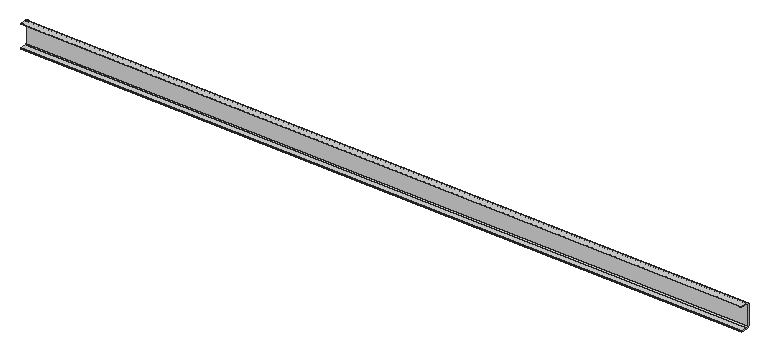
Revit family "06a82e23a7ec46a6a8b3cdc460181d1b", category Structural Framing, Revit 2021
Family settings
  Structural Framing Length Roundoff = 0' - 0"
  Section Shape = Not Defined
  Material for Model Behavior = Steel
  Always export as geometry = No
  OmniClass Number = 23.25.30.11.14.14
  OmniClass Title = Beams
  Seek Item ID = Light Gauge-Furring Channels-0000-USA-ENU
  Always vertical = Yes
  Cut with Voids When Loaded = No
  Symbolic Representation = From Project Settings
  Shared = No
  Show family pre-cut in plan views = Yes
Parameters (values of type "C1 1/2x17/32")
  t1 = if((t / 0.95 * 0' 1" / 1000) < 0' 0 1/32", 0' 0 1/32", (t / 0.95 * 0' 1" / 1000))  # 0' - 0 1/32"
  t = 20
  W = 0
  Structural Material [instance] = Metal - Light Gauge
  B = 0' - 0 17/32"
  D = 0' - 1 1/2"
  Assembly Code = "B10"
  Length [instance] = 5' - 0"
  A = 0.00 in²
Reference planes (in)
  plane 1 "Center (Front/Back)": y = 0
  plane 2: z = 0
  plane 3 "Center (Left/Right)": x = 0.0003
  plane 4 "Member Left": x = -23.8185
  plane 5 "Member Right": x = 24.1815
  plane 6 "Top": z = 0.75
  plane 7: z = -0.75
  plane 8 "Left": x = -29.8185
  plane 9 "Right": x = 30.1815
  plane 10: y = -0.53125
Forms (in)
  Sweep 1, solid, material "Metal - Light Gauge" <- "Structural Material", detail levels medium
    path origin (0, 0, 0) x (1, 0, 0) y (0, 1, 0)
      loop
        line (24.1815, 0) -> (-23.8185, 0)
    profile origin (0.1815, 0, 0) x (0, -1, 0) y (0, 0, 1)
      loop
        line (0, 0.75) -> (0, -0.75) -> (0.53125, -0.75) -> (0.53125, -0.71875) -> (0.03125, -0.71875) -> (0.03125, 0.71875) -> (0.53125, 0.71875) -> (0.53125, 0.75) -> (0, 0.75)
  Sweep 2, solid, material "Metal - Light Gauge" <- "Structural Material", detail levels fine
    path origin (0, 0, 0) x (1, 0, 0) y (0, 1, 0)
      loop
        line (24.1815, 0) -> (-23.8185, 0)
    profile origin (0.1815, 0, 0) x (0, -1, 0) y (0, 0, 1)
      loop
        line (0, 0.65625) -> (0, -0.65625)
        arc (0, -0.65625) -> (0.02746, -0.72254) -> (0.09375, -0.75) r 0.09375
        line (0.09375, -0.75) -> (0.53125, -0.75) -> (0.53125, -0.71875) -> (0.09375, -0.71875)
        arc (0.09375, -0.71875) -> (0.04956, -0.70044) -> (0.03125, -0.65625) r 0.0625
        line (0.03125, -0.65625) -> (0.03125, 0.65625)
        arc (0.03125, 0.65625) -> (0.04956, 0.70044) -> (0.09375, 0.71875) r 0.0625
        line (0.09375, 0.71875) -> (0.53125, 0.71875) -> (0.53125, 0.75) -> (0.09375, 0.75)
        arc (0.09375, 0.75) -> (0.02746, 0.72254) -> (0, 0.65625) r 0.09375
Lines and regions (in)
  symbolic lines, style "Hidden Faces", detail levels medium+fine
    curve 1: line (-23.8185, -0.03125, 0) -> (24.1815, -0.03125, 0)
    curve 2: line (-23.8185, 0.1875, 0.71875) -> (24.1815, 0.1875, 0.71875)
    curve 3: line (-23.8185, 0.1875, -0.71875) -> (24.1815, 0.1875, -0.71875)
  symbolic lines, style "Stick Symbols", detail levels coarse
    curve 4: line (-29.8185, 0, -0.75) -> (-29.8185, -0.53125, -0.75)
    curve 5: line (-29.8185, 0, 0.75) -> (-29.8185, -0.53125, 0.75)
    curve 6: line (-29.8185, 0, 0.75) -> (-29.8185, 0, -0.75)
Dimensions and locks (in)
  "D": plane 7 to plane 6 "Top"
  equal spacing: plane 7, plane 2, plane 6 "Top"
  "Length": plane 8 "Left" to plane 9 "Right"
  "B": plane 1 "Center (Front/Back)" to plane 10
  "t1": plane 6 "Top" to Sweep 1 sketch curve
  "t1": plane 7 to Sweep 1 sketch curve
  "t1": plane 1 "Center (Front/Back)" to Sweep 1 sketch curve
  "t1": Sweep 2 sketch curve to Sweep 2 sketch curve  (x3)
  aligned and locked: Sweep 1 sketch curve to plane 1 "Center (Front/Back)"  (x2)
  aligned and locked: Sweep 1 sketch curve to plane 6 "Top"
  aligned and locked: plane 7 to Sweep 1 sketch curve
  aligned and locked: plane 10 to Sweep 1
  aligned and locked: plane 7 to Sweep 1
  aligned and locked: Sweep 1 to plane 1 "Center (Front/Back)"
  aligned and locked: Sweep 1 to plane 6 "Top"
  aligned and locked: Sweep 2 sketch curve to plane 1 "Center (Front/Back)"
  aligned and locked: plane 7 to Sweep 2 sketch curve
  aligned and locked: Sweep 2 sketch curve to plane 6 "Top"
  aligned and locked: plane 6 "Top" to curve 5
  aligned and locked: plane 7 to Sweep 2
  aligned and locked: Sweep 2 to plane 6 "Top"
  aligned and locked: curve 6 to plane 1 "Center (Front/Back)"
  aligned and locked: plane 10 to Sweep 2 sketch curve  (x2)
  aligned and locked: plane 10 to Sweep 1 sketch curve  (x2)
  aligned and locked: Sweep 1 sketch curve to Sweep 2
  aligned and locked: curve 3 to Sweep 2
  aligned and locked: curve 2 to Sweep 2
  aligned and locked: curve 1 to Sweep 1
  aligned and locked: plane 7 to curve 4
  aligned and locked: plane 4 "Member Left" to Sweep 2 sketch curve
  aligned and locked: plane 5 "Member Right" to Sweep 2 sketch curve
Automatic sketch dimensions
  Sweep 2 sketch curve to plane 1 "Center (Front/Back)" = 0' - 0"
  Sweep 2 sketch curve to Sweep 2 sketch curve = 0' - 0"  (x2)
  Sweep 2 sketch curve to Sweep 2 sketch curve = 0' - 0 1/16"  (x2)
  curve 5 to plane 10 = 0' - 0"
  curve 4 to plane 10 = 0' - 0"
  curve 1 to plane 4 "Member Left" = 0' - 0"
  plane 4 "Member Left" to curve 3 = 0' - 0"
  plane 4 "Member Left" to curve 2 = 0' - 0"
  Sweep 1 sketch curve to plane 4 "Member Left" = 0' - 0"
  curve 1 to plane 5 "Member Right" = 0' - 0"
  plane 5 "Member Right" to curve 3 = 0' - 0"
  plane 5 "Member Right" to curve 2 = 0' - 0"
  Sweep 1 sketch curve to plane 5 "Member Right" = 0' - 0"
